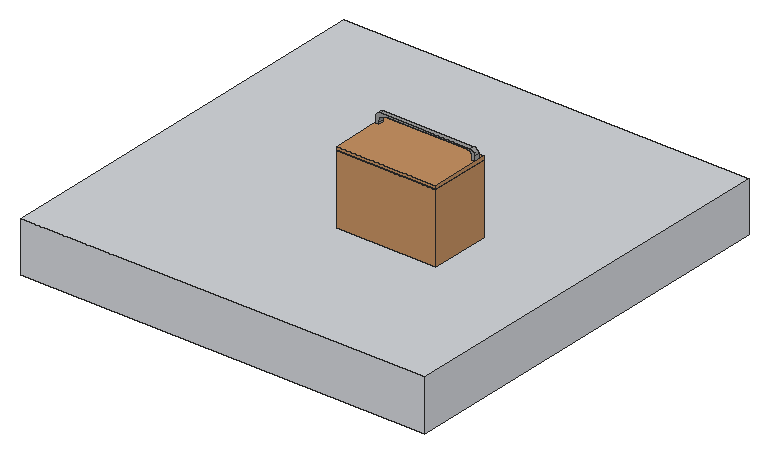
Revit family "IS_TonicII_Multiproduct_BIM_GB_R4301;R4302;R4303;R4304", category Plumbing Fixtures, host Face, Revit 2014
Parameters (values of type "R4302FC - Tonic II 600mm Wall Hung Washbasin Unit - Gloss Light Brown")
  WaterEfficientProduct = no
  WarrantyStartDate [instance] = "1900-12-31T23:59:59"
  WarrantyGuarantorParts = "Productinfo@thebluebook.co.uk"
  WarrantyGuarantorLabor = "n/a"
  WarrantyDurationUnit = "year"
  WarrantyDurationParts = "5"
  WarrantyDurationLabor = "n/a"
  WarrantyDescription = "Manufacturers Warranty"
  WRAS = no
  VolumeUnits = "Litres"
  Version = "1"
  Uniclass2015Version = "Products v1.1"
  Uniclass2015Reference = "Pr_40_30_78_04"
  Uniclass2015Description = "Bathroom integrated duct work"
  Uniclass2 = "n/a"
  URL = "www.idealspec.co.uk"
  Type Comments = "n/a"
  TagNumber [instance] = "n/a"
  TMV3 = no
  SustainabilityPerformance = "n/a"
  SpareParts = "www.fastpart-spares.co.uk"
  Space = "Internal"
  Size = "360 x 440 x 600 mm"
  Shape = "Rectangular"
  SerialNumber [instance] = "n/a"
  Revision = "n/a"
  ReplacementCost = "n/a"
  ProductInformation = "www.idealspec.co.uk/datasheets/R4302FC"
  Phone = "01482 346 461"
  NominalWidth = 600 mm
  NominalLength = 440 mm
  NominalHeight = 360 mm
  NominalDepth = 440 mm
  NettWeight = "15 Kg"
  Name = "ISI_Furniture_TonicII_R4302FC_IdealStandard"
  NBSTypeID = "n/a"
  NBSReference = "45-35-72/320"
  NBSOfficeMasterTag = "n/a"
  NBSNote = "n/a"
  NBSDescription = "Bathroom integrated duct work"
  NBSCertification = "n/a"
  ModelReference = Description  # "Tonic II 600mm wall hung washbasin unit with 1 drawer"
  ModelNumber = Model  # "R4302FC"
  ManufacturerURL = "www.idealspec.co.uk"
  LinearUnits = "millimeters"
  LaminateFinish = ISI_IdealStandard_Furniture_GlossLightBrownFC_Render
  Keynote = "n/a"
  InstallationInstructions = "www.idealspec.co.uk/resources.html"
  InstallationDate [instance] = "1900-12-31T23:59:59"
  IfcExportType = "USERDEFINED"
  IfcExportAs = "IfcFurnitureType"
  Help = "Productinfo@thebluebook.co.uk"
  HandleMatl = ISI_IdealStandard_Handle_Silver_Render
  HWFU = 0
  GrossWeight = "n/a"
  Grade = "n/a"
  Finish = "Light Brown Gloss"
  Features = "600mm wall hung washbasin unit with 1 drawer"
  ExpectedLife = "30"
  DurationUnit = "year"
  CurrencyUnit = "n/a"
  CreatedOn = "2016_04_06"
  Cost = 0
  Constituents = "n/a"
  ConnectionType = "Plumbing"
  Color = "Light Brown Gloss"
  CodePerformance = "EN 14749:2005"
  Category = "Furniture"
  Reference = "n/a"
  Model = "R4302FC"
  Manufacturer = "Ideal Standard (UK) Ltd"
  ECA = no
  Description = "Tonic II 600mm wall hung washbasin unit with 1 drawer"
  Default Elevation = 800 mm
  CWFU = 0
  Brand = "Ideal Standard"
  BarCode = "3391500571570"
  BREEAM = no
  BIMObjectName = "ISI_IdealStandard_Furniture_TonicII_R4302FC"
  Author = "Ideal Standard (UK) Ltd"
  AssetType = "Fixed"
  AssetIdentifier [instance] = "n/a"
  Assembly Code = "C1030200"
  AreaUnits = "millimeters"
  AreaMeasurement = "n/a"
  Accessories = "www.idealspec.co.uk"
  AccessibilityPerformance = "n/a"
Types (20, lengths in mm): name | Size | ProductInformation | NominalWidth | NominalLength | NominalDepth | NettWeight | Name | ModelReference | ModelNumber | LaminateFinish | Finish | Features | Color | Model | Description | BarCode | BIMObjectName
  R4301WG - Tonic II 500mm Wall Hung Washbasin Unit - Gloss White | "360 x 350 x 500 mm" | "www.idealspec.co.uk/datasheets/R4301WG" | 500 | 350 | 350 | "12 Kg" | "ISI_Furniture_TonicII_R4301WG_IdealStandard" | "Tonic II 500mm wall hung washbasin unit with 1 drawer" | "R4301WG" | ISI_IdealStandard_Furniture_WhiteWG_Render | "Gloss White" | "500mm wall hung washbasin unit with 1 drawer" | "Gloss White" | "R4301WG" | "Tonic II 500mm wall hung washbasin unit with 1 drawer" | "3391500571501" | "ISI_IdealStandard_Furniture_TonicII_R4301WG"
  R4303WG - Tonic II 800mm Wall Hung Washbasin Unit - Gloss White | "360 x 440 x 800 mm" | "www.idealspec.co.uk/datasheets/R4303WG" | 800 | 440 | 440 | "18 Kg" | "ISI_Furniture_TonicII_R4303WG_IdealStandard" | "Tonic II 800mm wall hung washbasin unit with 1 drawer" | "R4303WG" | ISI_IdealStandard_Furniture_WhiteWG_Render | "Gloss White" | "800mm wall hung washbasin unit with 1 drawer" | "Gloss White" | "R4303WG" | "Tonic II 800mm wall hung washbasin unit with 1 drawer" | "3391500571600" | "ISI_IdealStandard_Furniture_TonicII_R4303WG"
  R4304WG - Tonic II 1000mm Wall Hung Washbasin Unit - Gloss White | "360 x 440 x 1000 mm" | "www.idealspec.co.uk/datasheets/R4304WG" | 1000 | 440 | 440 | "22 Kg" | "ISI_Furniture_TonicII_R4304WG_IdealStandard" | "Tonic II 1000mm wall hung washbasin unit with 1 drawer" | "R4304WG" | ISI_IdealStandard_Furniture_WhiteWG_Render | "Gloss White" | "1000mm wall hung washbasin unit with 1 drawer" | "Gloss White" | "R4304WG" | "Tonic II 1000mm wall hung washbasin unit with 1 drawer" | "3391500571655" | "ISI_IdealStandard_Furniture_TonicII_R4304WG"
  R4301FF - Tonic II 500mm Wall Hung Washbasin Unit - Wood Light Brown | "360 x 350 x 500 mm" | "www.idealspec.co.uk/datasheets/R4301FF" | 500 | 350 | 350 | "12 Kg" | "ISI_Furniture_TonicII_R4301FF_IdealStandard" | "Tonic II 500mm wall hung washbasin unit with 1 drawer" | "R4301FF" | ISI_IdealStandard_Furniture_WoodLightBrownFF_Render | "Light Brown Wood" | "500mm wall hung washbasin unit with 1 drawer" | "Light Brown Wood" | "R4301FF" | "Tonic II 500mm wall hung washbasin unit with 1 drawer" | "3391500571532" | "ISI_IdealStandard_Furniture_TonicII_R4301FF"
  R4301FE - Tonic II 500mm Wall Hung Washbasin Unit - Wood Light Grey | "360 x 360 x 500 mm" | "www.idealspec.co.uk/datasheets/R4301FE" | 500 | 360 | 360 | "12 Kg" | "ISI_Furniture_TonicII_R4301FE_IdealStandard" | "Tonic II 500mm wall hung washbasin unit with 1 drawer" | "R4301FE" | ISI_IdealStandard_Furniture_WoodLighGreyFE_Render | "Light Grey Wood" | "500mm wall hung washbasin unit with 1 drawer" | "Light Grey Wood" | "R4301FE" | "Tonic II 500mm wall hung washbasin unit with 1 drawer" | "3391500571549" | "ISI_IdealStandard_Furniture_TonicII_R4301FE"
  R4301FA - Tonic II 500mm Wall Hung Washbasin Unit - Gloss Light Grey | "360 x 350 x 500 mm" | "www.idealspec.co.uk/datasheets/R4301FA" | 500 | 350 | 350 | "12 Kg" | "ISI_Furniture_TonicII_R4301FA_IdealStandard" | "Tonic II 500mm wall hung washbasin unit with 1 drawer" | "R4301FA" | ISI_IdealStandard_Furniture_GlossLightGreyFA_Render | "Light Grey Gloss" | "500mm wall hung washbasin unit with 1 drawer" | "Light Grey Gloss" | "R4301FA" | "Tonic II 500mm wall hung washbasin unit with 1 drawer" | "3391500571518" | "ISI_IdealStandard_Furniture_TonicII_R4301FA"
  R4301FC - Tonic II 500mm Wall Hung Washbasin Unit - GLoss Light Brown | "360 x 350 x 500 mm" | "www.idealspec.co.uk/datasheets/R4301FC" | 500 | 350 | 350 | "12 Kg" | "ISI_Furniture_TonicII_R4301FC_IdealStandard" | "Tonic II 500mm wall hung washbasin unit with 1 drawer" | "R4301FC" | ISI_IdealStandard_Furniture_GlossLightBrownFC_Render | "Light Brown Gloss" | "500mm wall hung washbasin unit with 1 drawer" | "Light Brown Gloss" | "R4301FC" | "Tonic II 500mm wall hung washbasin unit with 1 drawer" | "3391500571525" | "ISI_IdealStandard_Furniture_TonicII_R4301FC"
  R4302WG - Tonic II 600mm Wall Hung Washbasin Unit - Gloss White | "360 x 440 x 600 mm" | "www.idealspec.co.uk/datasheets/R4302WG" | 600 | 440 | 440 | "15 Kg" | "ISI_Furniture_TonicII_R4302WG_IdealStandard" | "Tonic II 600mm wall hung washbasin unit with 1 drawer" | "R4302WG" | ISI_IdealStandard_Furniture_WhiteWG_Render | "Gloss White" | "600mm wall hung washbasin unit with 1 drawer" | "Gloss White" | "R4302WG" | "Tonic II 600mm wall hung washbasin unit with 1 drawer" | "3391500571556" | "ISI_IdealStandard_Furniture_TonicII_R4302WG"
  R4302FC - Tonic II 600mm Wall Hung Washbasin Unit - Gloss Light Brown | "360 x 440 x 600 mm" | "www.idealspec.co.uk/datasheets/R4302FC" | 600 | 440 | 440 | "15 Kg" | "ISI_Furniture_TonicII_R4302FC_IdealStandard" | "Tonic II 600mm wall hung washbasin unit with 1 drawer" | "R4302FC" | ISI_IdealStandard_Furniture_GlossLightBrownFC_Render | "Light Brown Gloss" | "600mm wall hung washbasin unit with 1 drawer" | "Light Brown Gloss" | "R4302FC" | "Tonic II 600mm wall hung washbasin unit with 1 drawer" | "3391500571570" | "ISI_IdealStandard_Furniture_TonicII_R4302FC"
  R4302FA - Tonic II 600mm Wall Hung Washbasin Unit - Gloss Light Grey | "360 x 440 x 600 mm" | "www.idealspec.co.uk/datasheets/R4302FA" | 600 | 440 | 440 | "15 Kg" | "ISI_Furniture_TonicII_R4302FA_IdealStandard" | "Tonic II 600mm wall hung washbasin unit with 1 drawer" | "R4302FA" | ISI_IdealStandard_Furniture_GlossLightGreyFA_Render | "Light Grey Gloss" | "600mm wall hung washbasin unit with 1 drawer" | "Light Grey Gloss" | "R4302FA" | "Tonic II 600mm wall hung washbasin unit with 1 drawer" | "3391500571563" | "ISI_IdealStandard_Furniture_TonicII_R4302FA"
  R4302FF - Tonic II 600mm Wall Hung Washbasin Unit - Wood Light Brown | "360 x 440 x 600 mm" | "www.idealspec.co.uk/datasheets/R4302FF" | 600 | 440 | 440 | "15 Kg" | "ISI_Furniture_TonicII_R4302FF_IdealStandard" | "Tonic II 600mm wall hung washbasin unit with 1 drawer" | "R4302FF" | ISI_IdealStandard_Furniture_WoodLightBrownFF_Render | "Light Brown Wood" | "600mm wall hung washbasin unit with 1 drawer" | "Light Brown Wood" | "R4302FF" | "Tonic II 600mm wall hung washbasin unit with 1 drawer" | "3391500571587" | "ISI_IdealStandard_Furniture_TonicII_R4302FF"
  R4302FE - Tonic II 600mm Wall Hung Washbasin Unit - Wood Light Grey | "360 x 440 x 600 mm" | "www.idealspec.co.uk/datasheets/R4302FE" | 600 | 440 | 440 | "15 Kg" | "ISI_Furniture_TonicII_R4302FE_IdealStandard" | "Tonic II 600mm wall hung washbasin unit with 1 drawer" | "R4302FE" | ISI_IdealStandard_Furniture_WoodLighGreyFE_Render | "Light Grey Wood" | "600mm wall hung washbasin unit with 1 drawer" | "Light Grey Wood" | "R4302FE" | "Tonic II 600mm wall hung washbasin unit with 1 drawer" | "3391500571594" | "ISI_IdealStandard_Furniture_TonicII_R4302FE"
  R4303FC - Tonic II 800mm Wall Hung Washbasin Unit - Gloss Light Brown | "360 x 440 x 800 mm" | "www.idealspec.co.uk/datasheets/R4303FC" | 800 | 440 | 440 | "18 Kg" | "ISI_Furniture_TonicII_R4303FC_IdealStandard" | "Tonic II 800mm wall hung washbasin unit with 1 drawer" | "R4303FC" | ISI_IdealStandard_Furniture_GlossLightBrownFC_Render | "Light Brown Gloss" | "800mm wall hung washbasin unit with 1 drawer" | "Light Brown Gloss" | "R4303FC" | "Tonic II 800mm wall hung washbasin unit with 1 drawer" | "3391500571624" | "ISI_IdealStandard_Furniture_TonicII_R4303FC"
  R4303FA - Tonic II 800mm Wall Hung Washbasin Unit - Gloss Light Grey | "360 x 440 x 800 mm" | "www.idealspec.co.uk/datasheets/R4303FA" | 800 | 440 | 440 | "18 Kg" | "ISI_Furniture_TonicII_R4303FA_IdealStandard" | "Tonic II 800mm wall hung washbasin unit with 1 drawer" | "R4303FA" | ISI_IdealStandard_Furniture_GlossLightGreyFA_Render | "Light Grey Gloss" | "800mm wall hung washbasin unit with 1 drawer" | "Light Grey Gloss" | "R4303FA" | "Tonic II 800mm wall hung washbasin unit with 1 drawer" | "3391500571617" | "ISI_IdealStandard_Furniture_TonicII_R4303FA"
  R4303FF - Tonic II 800mm Wall Hung Washbasin Unit - Wood Light Brown | "360 x 440 x 800 mm" | "www.idealspec.co.uk/datasheets/R4303FF" | 800 | 440 | 440 | "18 Kg" | "ISI_Furniture_TonicII_R4303FF_IdealStandard" | "Tonic II 800mm wall hung washbasin unit with 1 drawer" | "R4303FF" | ISI_IdealStandard_Furniture_WoodLightBrownFF_Render | "Light Brown Wood" | "800mm wall hung washbasin unit with 1 drawer" | "Light Brown Wood" | "R4303FF" | "Tonic II 800mm wall hung washbasin unit with 1 drawer" | "3391500571631" | "ISI_IdealStandard_Furniture_TonicII_R4303FF"
  R4303FE - Tonic II 800mm Wall Hung Washbasin Unit - Wood Light Gery | "360 x 440 x 800 mm" | "www.idealspec.co.uk/datasheets/R4303FE" | 800 | 440 | 440 | "18 Kg" | "ISI_Furniture_TonicII_R4303FE_IdealStandard" | "Tonic II 800mm wall hung washbasin unit with 1 drawer" | "R4303FE" | ISI_IdealStandard_Furniture_WoodLighGreyFE_Render | "Light Grey Wood" | "800mm wall hung washbasin unit with 1 drawer" | "Light Grey Wood" | "R4303FE" | "Tonic II 800mm wall hung washbasin unit with 1 drawer" | "3391500571648" | "ISI_IdealStandard_Furniture_TonicII_R4303FE"
  R4304FC - Tonic II 1000mm Wall Hung Washbasin Unit - Gloss Light Brown | "360 x 440 x 1000 mm" | "www.idealspec.co.uk/datasheets/R4304FC" | 1000 | 440 | 440 | "22 Kg" | "ISI_Furniture_TonicII_R4304FC_IdealStandard" | "Tonic II 1000mm wall hung washbasin unit with 1 drawer" | "R4304FC" | ISI_IdealStandard_Furniture_GlossLightBrownFC_Render | "Light Brown Gloss" | "1000mm wall hung washbasin unit with 1 drawer" | "Light Brown Gloss" | "R4304FC" | "Tonic II 1000mm wall hung washbasin unit with 1 drawer" | "3391500571679" | "ISI_IdealStandard_Furniture_TonicII_R4304FC"
  R4304FA - Tonic II 1000mm Wall Hung Washbasin Unit - Gloss Light Grey | "360 x 440 x 1000 mm" | "www.idealspec.co.uk/datasheets/R4304FA" | 1000 | 440 | 440 | "22 Kg" | "ISI_Furniture_TonicII_R4304FA_IdealStandard" | "Tonic II 1000mm wall hung washbasin unit with 1 drawer" | "R4304FA" | ISI_IdealStandard_Furniture_GlossLightGreyFA_Render | "Light Grey Gloss" | "1000mm wall hung washbasin unit with 1 drawer" | "Light Grey Gloss" | "R4304FA" | "Tonic II 1000mm wall hung washbasin unit with 1 drawer" | "3391500571662" | "ISI_IdealStandard_Furniture_TonicII_R4304FA"
  R4304FF - Tonic II 1000mm Wall Hung Washbasin Unit - Wood Light Brown | "360 x 440 x 1000 mm" | "www.idealspec.co.uk/datasheets/R4304FF" | 1000 | 440 | 440 | "22 Kg" | "ISI_Furniture_TonicII_R4304FF_IdealStandard" | "Tonic II 1000mm wall hung washbasin unit with 1 drawer" | "R4304FF" | ISI_IdealStandard_Furniture_WoodLightBrownFF_Render | "Light Brown Wood" | "1000mm wall hung washbasin unit with 1 drawer" | "Light Brown Wood" | "R4304FF" | "Tonic II 1000mm wall hung washbasin unit with 1 drawer" | "3391500571686" | "ISI_IdealStandard_Furniture_TonicII_R4304FF"
  R4304FE - Tonic II 1000mm Wall Hung Washbasin Unit - Wood Light Grey | "360 x 440 x 1000 mm" | "www.idealspec.co.uk/datasheets/R4304FE" | 1000 | 440 | 440 | "22 Kg" | "ISI_Furniture_TonicII_R4304FE_IdealStandard" | "Tonic II 1000mm wall hung washbasin unit with 1 drawer" | "R4304FE" | ISI_IdealStandard_Furniture_WoodLighGreyFE_Render | "Light Grey Wood" | "1000mm wall hung washbasin unit with 1 drawer" | "Light Grey Wood" | "R4304FE" | "Tonic II 1000mm wall hung washbasin unit with 1 drawer" | "3391500571693" | "ISI_IdealStandard_Furniture_TonicII_R4304FE"
Reference planes
  plane 1 "Center (Front/Back)": y = 0
  plane 2: z = 0
  plane 3 "Center (Left/Right)": x = 0
  plane 4: x = 600
  plane 5: y = -360
  plane 6: y = -40
  plane 7: y = -65
  plane 8: z = 440
  plane 9: z = 500
  plane 10: x = 580
  plane 11: x = 20
  plane 12: z = 490
  plane 13: z = 422
Forms (mm)
  Extrusion 1, solid
    sketch origin (0, 0, 0) x (1, 0, 0) y (0, 1, 0)
      loop
        line (-1219.2, 1219.2) -> (-1219.2, -1219.2) -> (1219.2, -1219.2) -> (1219.2, 1219.2) -> (-1219.2, 1219.2)
    from 0 to -304.8
  Extrusion 2, solid, material "ISI_IdealStandard_Furniture_GlossLightBrownFC_Render" <- "LaminateFinish"
    sketch origin (0, 0, 0) x (1, 0, 0) y (0, 1, 0)
      loop
        line (0, 0) -> (0, -360) -> (600, -360) -> (600, 0) -> (0, 0)
    from 0 to 440
  Extrusion 3, solid, material "ISI_IdealStandard_Handle_Silver_Render" <- "HandleMatl"
    sketch origin (1524, -40, 1219.2) x (1, 0, 0) y (0, 0, 1)
      loop
        arc (-1494, -719.2) -> (-1515.213, -727.987) -> (-1524, -749.2) r 30
        line (-1524, -749.2) -> (-1524, -779.2) -> (-1504, -779.2) -> (-1504, -769.2)
        arc (-1504, -769.2) -> (-1492.284, -740.916) -> (-1464, -729.2) r 40
        line (-1464, -729.2) -> (-974, -729.2)
        arc (-974, -729.2) -> (-952.787, -737.987) -> (-944, -759.2) r 30
        line (-944, -759.2) -> (-944, -779.2) -> (-924, -779.2) -> (-924, -749.2)
        arc (-924, -749.2) -> (-932.787, -727.987) -> (-954, -719.2) r 30
        line (-954, -719.2) -> (-1494, -719.2)
    from 0 to 25
  Extrusion 4, void
    sketch origin (-1524, -4572, 422) x (0, -1, 0) y (-1, 0, 0)
      loop
        line (-4572, -1524) -> (-4572, -2124) -> (-4212, -2124) -> (-4212, -1524) -> (-4572, -1524)
      loop
        line (-4555.534, -1544) -> (-4555.534, -2104) -> (-4233.806, -2104) -> (-4233.806, -1544) -> (-4555.534, -1544)
    from 0 to 5
  Extrusion 5, void
    sketch origin (0, 0, 0) x (-1, 0, 0) y (0, 0, 1)
      loop
        line (-580, 0.207) -> (-20, 0.207) -> (-20, 395.207) -> (-580, 395.207) -> (-580, 0.207)
    from 0 to -330
Cuts and joins
  Extrusion 4, Extrusion 5 cuts Extrusion 2
Dimensions and locks
  "NominalWidth": plane 3 "Center (Left/Right)" to plane 4
  locked: plane 6 to plane 1 "Center (Front/Back)" at 40
  locked: plane 7 to plane 6 at 25
  locked: plane 3 "Center (Left/Right)" to plane 11 at 20
  locked: plane 10 to plane 4 at 20
  locked: plane 8 to plane 13 at 18
  "NominalHeight": plane 5 to plane 1 "Center (Front/Back)"
  "NominalLength": plane 8 to Extrusion 1
  locked: plane 9 to plane 8 at 60
  locked: plane 12 to plane 8 at 50
  aligned and locked: plane 2 to Extrusion 1
  aligned and locked: level to Extrusion 1
  aligned and locked: plane 1 "Center (Front/Back)" to Extrusion 2 sketch curve
  aligned and locked: plane 3 "Center (Left/Right)" to Extrusion 2 sketch curve
  aligned and locked: Extrusion 2 sketch curve to plane 5
  aligned and locked: Extrusion 2 sketch curve to plane 4
  aligned and locked: plane 8 to Extrusion 2
  aligned and locked: Extrusion 2 to level
  aligned and locked: Extrusion 3 sketch curve to plane 9
  aligned and locked: plane 3 "Center (Left/Right)" to Extrusion 3 sketch curve
  aligned and locked: Extrusion 3 sketch curve to Extrusion 2
  aligned and locked: plane 9 to Extrusion 3
  aligned and locked: Extrusion 4 sketch curve to Extrusion 2  (x4)
  aligned and locked: plane 11 to Extrusion 4 sketch curve
  aligned and locked: plane 10 to Extrusion 4 sketch curve
  aligned and locked: plane 10 to Extrusion 5 sketch curve
  aligned and locked: plane 11 to Extrusion 5 sketch curve
  aligned and locked: Extrusion 3 to plane 8
  aligned and locked: plane 12 to Extrusion 3
  aligned and locked: plane 7 to Extrusion 3
Automatic sketch dimensions
  Extrusion 1 sketch curve to Extrusion 1 sketch curve = 2438.4 mm  (x2)
  plane 11 to Extrusion 3 sketch curve = 0 mm
  Extrusion 3 sketch curve to plane 12 = 0 mm
  Extrusion 3 sketch curve to plane 10 = 0 mm
  Extrusion 3 sketch curve to plane 8 = 0 mm  (x2)
  Extrusion 3 sketch curve to plane 11 = 10 mm
  plane 8 to Extrusion 3 sketch curve = 10 mm
  Extrusion 3 sketch curve to plane 10 = 30 mm
  Extrusion 3 sketch curve to plane 10 = 10 mm
  plane 1 "Center (Front/Back)" to Extrusion 4 sketch curve = 16.466 mm
  Extrusion 4 sketch curve to plane 5 = 21.806 mm
  plane 1 "Center (Front/Back)" to Extrusion 4 sketch curve = 0 mm
  level to Extrusion 5 sketch curve = 0.207 mm
  Extrusion 5 sketch curve to plane 13 = 26.793 mm
